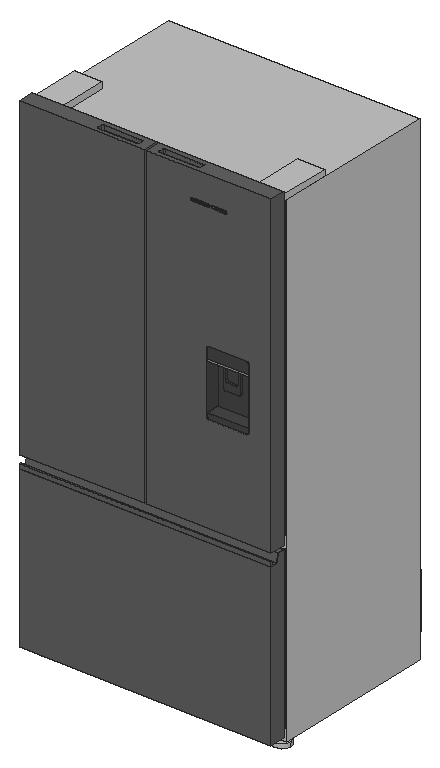
Revit family "FP-Revit18-RF610ANUB5-Fridges", category Specialty Equipment, Revit 2018
Family settings
  Round Connector Dimension = Use Diameter
  Part Type = Normal
  OmniClass Number = 23.40.40.11.11.17
  OmniClass Title = Refrigerator-Freezer
  Work Plane-Based = No
  Always vertical = Yes
  Cut with Voids When Loaded = Yes
  Shared = No
  Room Calculation Point = No
Parameters (values of type "RF610ANUB5")
  Visibility - Clearance Required = yes
  URL = "www.fisherpaykel.com"
  Product - Width = 900 mm  # constant formula
  Product - Height = 1795 mm  # constant formula
  Product - Depth = 695 mm  # constant formula
  Model = "RF610ANUB5"
  Material - Trim = Fisher & Paykel - Aluminium, Dark
  Material - Door Structure = Fisher & Paykel - White
  Material - Door Front = Fisher & Paykel - Stainless Steel, Dark
  Material - Body = Fisher & Paykel - Grey
  Manufacturer = "Fisher & Paykel Appliances"
  Description = "90cm French Door Refrigerator Freezer, Ice and Water"
  Connector Description - Water = "Ø6mm (1/4”) quick connect, Max Supply Pressure 120psi (827kPa)"
  Connector Description - Electrical = "230 V, 50 Hz"
  Chassis - Width = 900 mm  # constant formula
  Chassis - Height = 1737 mm  # constant formula
  Chassis - Depth = 625 mm  # constant formula
  Cavity - Width = 940 mm  # constant formula
  Cavity - Height = 1815 mm  # constant formula
  Cavity - Depth = 695 mm  # constant formula
Reference planes
  plane 1 "Datum": y = 0
  plane 2: z = 0
  plane 3 "Center (Left/Right)": x = 0
  plane 4 "Product LHS": x = -450
  plane 5 "Product RHS": x = 450
  plane 6 "Product - Depth": y = 625
  plane 7 "Cavity LHS": x = -470
  plane 8 "Cavity RHS": x = 470
  plane 9 "Cavity - Depth": y = 625
  plane 10 "Cavity Height": z = 1815
  plane 11 "Product - Height": z = 1795
  plane 12 "Door Front": y = -70
Forms (mm)
  Extrusion 1, solid, material "Fisher & Paykel - Grey" <- "Material - Body"
    sketch origin (0, -1.89, -0.809) x (0, 1, 0) y (0, 0, 1)
      loop
        line (1.89, 24.809) -> (596.89, 24.809) -> (596.89, 1761.809) -> (1.89, 1761.809) -> (1.89, 24.809)
    from -450 to 450
  Extrusion 2, void
    sketch origin (-955, 0, 0) x (1, 0, 0) y (0, 0, 1)
      loop
        arc (1182.459, 1245.1) -> (1176.803, 1242.757) -> (1174.459, 1237.1) r 8
        line (1174.459, 1237.1) -> (1174.459, 1017.5)
        arc (1174.459, 1017.5) -> (1176.803, 1011.843) -> (1182.459, 1009.5) r 8
        line (1182.459, 1009.5) -> (1316.959, 1009.5)
        arc (1316.959, 1009.5) -> (1322.616, 1011.843) -> (1324.959, 1017.5) r 8
        line (1324.959, 1017.5) -> (1324.959, 1237.1)
        arc (1324.959, 1237.1) -> (1322.616, 1242.757) -> (1316.959, 1245.1) r 8
        line (1316.959, 1245.1) -> (1182.459, 1245.1)
    from 15 to 70.043
  Extrusion 3, solid, material "Fisher & Paykel - Clearance Required", visible <- "Visibility - Clearance Required", detail levels coarse
    sketch origin (0, 0, 0) x (0, 1, 0) y (0, 0, 1)
      loop
        line (-70.043, 647) -> (-429.921, 647) -> (-429.921, 41) -> (-70.043, 41) -> (-70.043, 647)
    from -457 to 457
  Extrusion 4, solid, material "Fisher & Paykel - White" <- "Material - Door Structure"
    sketch origin (0, 0, 0) x (1, 0, 0) y (0, 0, 1)
      loop
        line (-439, 639) -> (-439, 63) -> (442, 63) -> (442, 639) -> (-439, 639)
      loop
        line (-12, 682) -> (-12, 1755) -> (-439, 1755) -> (-439, 682) -> (-12, 682)
      loop
        line (12, 682) -> (442, 682) -> (442, 1755) -> (12, 1755) -> (12, 682)
    from 0 to 15
  Extrusion 5, solid, material "Fisher & Paykel - Stainless Steel, Dark" <- "Material - Door Front"
    sketch origin (0, 0, 0) x (1, 0, 0) y (0, 0, 1)
      loop
        line (-450, 660) -> (-4, 660) -> (-4, 1795) -> (-450, 1795) -> (-450, 660)
      loop
        line (4, 1795) -> (4, 660) -> (450, 660) -> (450, 1795) -> (4, 1795)
    from 15 to 70.043
  Extrusion 6, solid, material "Fisher & Paykel - Clearance Required", visible <- "Visibility - Clearance Required", detail levels coarse
    sketch origin (0, 0, 0) x (1, 0, 0) y (0, 1, 0)
      loop
        line (-470, 625) -> (-470, 0) -> (-584.999, 0) -> (-584.999, -70) -> (584.999, -70) -> (584.999, 0) -> (470, 0) -> (470, 625) -> (-470, 625)
    from 0 to 1810
  Extrusion 7, solid, material "Fisher & Paykel - Clearance Required", visible <- "Visibility - Clearance Required", detail levels coarse
    sketch origin (0, 0, 0) x (1, 0, 0) y (0, 1, 0)
      loop
        line (-524.032, -70.043) -> (-784.022, -304.139)
        arc (-784.022, -304.139) -> (-313.722, -454.62) -> (-4, -70.043) r 436.47
        line (-4, -70.043) -> (-524.032, -70.043)
      loop
        line (524.032, -70.043) -> (4, -70.043)
        arc (4, -70.043) -> (313.722, -454.62) -> (784.022, -304.139) r 436.47
        line (784.022, -304.139) -> (524.032, -70.043)
    from 660 to 1810
  Extrusion 8, solid, material "Fisher & Paykel - Aluminium, Dark" <- "Material - Trim", detail levels medium+fine
    sketch origin (0, 0, 0) x (0, 1, 0) y (0, 0, 1)
      loop
        line (-15, 647) -> (-39.682, 647) -> (-44.971, 617) -> (-63.531, 617) -> (-66, 631) -> (-70, 631) -> (-70, 615) -> (-43.293, 615) -> (-38.003, 645) -> (-15, 645) -> (-15, 647)
    from -450 to 450
  Extrusion 9, solid, material "Fisher & Paykel - Grey" <- "Material - Body", detail levels medium+fine
    sketch origin (0, 0, 0) x (1, 0, 0) y (0, 1, 0)
      loop
        line (-351.4, 174) -> (-448.4, 174) -> (-448.4, -15) -> (-351.4, -15) -> (-351.4, 174)
      loop
        line (351.4, 174) -> (351.4, -15) -> (448.4, -15) -> (448.4, 174) -> (351.4, 174)
    from 1761 to 1783
  Extrusion 10, void
    sketch origin (0, 0, 0) x (1, 0, 0) y (0, 1, 0)
      loop
        arc (-179.6, -33.15) -> (-183.136, -34.614) -> (-184.6, -38.15) r 5
        line (-184.6, -38.15) -> (-184.6, -51.85)
        arc (-184.6, -51.85) -> (-183.136, -55.386) -> (-179.6, -56.85) r 5
        line (-179.6, -56.85) -> (-39.9, -56.85)
        arc (-39.9, -56.85) -> (-36.364, -55.386) -> (-34.9, -51.85) r 5
        line (-34.9, -51.85) -> (-34.9, -38.15)
        arc (-34.9, -38.15) -> (-36.364, -34.614) -> (-39.9, -33.15) r 5
        line (-39.9, -33.15) -> (-179.6, -33.15)
      loop
        line (179.6, -33.15) -> (39.9, -33.15)
        arc (39.9, -33.15) -> (36.364, -34.614) -> (34.9, -38.15) r 5
        line (34.9, -38.15) -> (34.9, -51.85)
        arc (34.9, -51.85) -> (36.364, -55.386) -> (39.9, -56.85) r 5
        line (39.9, -56.85) -> (179.6, -56.85)
        arc (179.6, -56.85) -> (183.136, -55.386) -> (184.6, -51.85) r 5
        line (184.6, -51.85) -> (184.6, -38.15)
        arc (184.6, -38.15) -> (183.136, -34.614) -> (179.6, -33.15) r 5
    from 1780.5 to 1795
  Extrusion 11, void
    sketch origin (0, 0, 0) x (1, 0, 0) y (0, 1, 0)
      loop
        arc (-179.6, -33.15) -> (-183.136, -34.614) -> (-184.6, -38.15) r 5
        line (-184.6, -38.15) -> (-184.6, -51.85)
        arc (-184.6, -51.85) -> (-183.136, -55.386) -> (-179.6, -56.85) r 5
        line (-179.6, -56.85) -> (-39.9, -56.85)
        arc (-39.9, -56.85) -> (-36.364, -55.386) -> (-34.9, -51.85) r 5
        line (-34.9, -51.85) -> (-34.9, -38.15)
        arc (-34.9, -38.15) -> (-36.364, -34.614) -> (-39.9, -33.15) r 5
        line (-39.9, -33.15) -> (-179.6, -33.15)
      loop
        line (179.6, -33.15) -> (39.9, -33.15)
        arc (39.9, -33.15) -> (36.364, -34.614) -> (34.9, -38.15) r 5
        line (34.9, -38.15) -> (34.9, -51.85)
        arc (34.9, -51.85) -> (36.364, -55.386) -> (39.9, -56.85) r 5
        line (39.9, -56.85) -> (179.6, -56.85)
        arc (179.6, -56.85) -> (183.136, -55.386) -> (184.6, -51.85) r 5
        line (184.6, -51.85) -> (184.6, -38.15)
        arc (184.6, -38.15) -> (183.136, -34.614) -> (179.6, -33.15) r 5
    from 660 to 674.5
  Extrusion 12, solid, material "Fisher & Paykel - Grey" <- "Material - Body", detail levels medium+fine
    sketch origin (0, 0, 0) x (1, 0, 0) y (0, 1, 0)
      loop
        circle (419.5, 18.6) r 30
      loop
        circle (-419.5, 18.6) r 30
    from 0 to 14
  Extrusion 13, solid, material "Fisher & Paykel - Grey" <- "Material - Body", detail levels medium+fine
    sketch origin (0, 0, 0) x (1, 0, 0) y (0, 1, 0)
      loop
        circle (419.5, 18.6) r 4.9
      loop
        circle (-419.5, 18.6) r 4.9
    from 14 to 24
  Extrusion 14, solid, material "Fisher & Paykel - Grey" <- "Material - Body", detail levels medium+fine
    sketch origin (0, 0, 0) x (0, 1, 0) y (0, 0, 1)
      loop
        arc (63.5, 24) -> (87.5, 0) -> (111.5, 24) r 24
        line (111.5, 24) -> (63.5, 24)
      loop
        arc (505, 24) -> (529, 0) -> (553, 24) r 24
        line (553, 24) -> (505, 24)
    from -393.35 to -376.65
  Extrusion 15, solid, material "Fisher & Paykel - Grey" <- "Material - Body", detail levels medium+fine
    sketch origin (0, 0, 0) x (0, 1, 0) y (0, 0, -1)
      loop
        line (63.5, -24) -> (111.5, -24)
        arc (111.5, -24) -> (87.5, 0) -> (63.5, -24) r 24
      loop
        line (505, -24) -> (553, -24)
        arc (553, -24) -> (529, 0) -> (505, -24) r 24
    from -393.35 to -376.65
  Extrusion 16, solid, material "Fisher & Paykel - Grey" <- "Material - Body"
    sketch origin (0, 0, 0) x (0, 1, 0) y (0, 0, 1)
      loop
        line (595, 24) -> (625, 24) -> (625, 294) -> (595, 324) -> (595, 24)
    from -430 to 430
  Extrusion 17, void
    sketch origin (0, 0, 0) x (1, 0, 0) y (0, 0, 1)
      loop
        line (255, 94) -> (255, 24) -> (430, 24) -> (430, 94) -> (255, 94)
      loop
        circle (410, 69) r 5
      loop
        circle (310, 69) r 5
    from -625 to -595
  Extrusion 18, solid, material "Fisher & Paykel - Stainless Steel, Dark" <- "Material - Door Front"
    sketch origin (0, 0, 0) x (0, 1, 0) y (0, 0, 1)
      loop
        line (-15, 645) -> (-38.003, 645) -> (-43.293, 615) -> (-70, 615) -> (-70, 41) -> (-15, 41) -> (-15, 645)
    from -450 to 450
  Extrusion 19, void
    sketch origin (0, 0, 0) x (1, 0, 0) y (0, 1, 0)
      loop
        line (-470, 625) -> (-470, 0) -> (-584.999, 0) -> (-584.999, -70) -> (584.999, -70) -> (584.999, 0) -> (470, 0) -> (470, 625) -> (-470, 625)
    from 0 to 1810
Cuts and joins
  Extrusion 2, Extrusion 10, Extrusion 11 cuts Extrusion 5
  Extrusion 17 cuts Extrusion 1
  Extrusion 17 cuts Extrusion 16
Text (mm)
  text "Due to ongoing product development, product details are subject to change without notice. \nPlease always refer to www.fisherpaykel.com for the most current product information. \n© Fisher & Paykel 2020" at (41.04, -527.568, 0), in view "Ref. Level (Plan)"
Dimensions and locks
  equal spacing: plane 4 "Product LHS", plane 3 "Center (Left/Right)", plane 5 "Product RHS"
  "Product - Width": plane 4 "Product LHS" to plane 5 "Product RHS"
  equal spacing: plane 7 "Cavity LHS", plane 3 "Center (Left/Right)", plane 8 "Cavity RHS"
  "Cavity - Width": plane 7 "Cavity LHS" to plane 8 "Cavity RHS"
  "Cavity - Height": plane 10 "Cavity Height" to level
  Extrusion 2 sketch curve to plane 3 "Center (Left/Right)" = 369.959 mm
  Extrusion 2 sketch curve to Extrusion 2 sketch curve = 235.6 mm
  Extrusion 2 sketch curve to level = 1009.5 mm
  Extrusion 2 sketch curve to Extrusion 2 sketch curve = 150.5 mm
  "Product - Height": level to plane 11 "Product - Height"
  "Chassis - Height": cut or joined group of Extrusion 1, Extrusion 17 to cut or joined group of Extrusion 1, Extrusion 17
  plane 7 "Cavity LHS" to plane 4 "Product LHS" = 20 mm
  plane 5 "Product RHS" to plane 8 "Cavity RHS" = 20 mm
  Extrusion 6 to plane 4 "Product LHS" = 134.999 mm
  plane 5 "Product RHS" to Extrusion 6 = 134.999 mm
  plane 11 "Product - Height" to nested 2 = 102.779 mm
  nested 2 to plane 3 "Center (Left/Right)" = 227 mm
  "Cavity - Depth": plane 12 "Door Front" to plane 9 "Cavity - Depth"
  plane 12 "Door Front" to plane 1 "Datum" = 70 mm
  "Chassis - Depth": plane 6 "Product - Depth" to plane 1 "Datum"
  "Product - Depth": plane 6 "Product - Depth" to plane 12 "Door Front"
  aligned and locked: level to plane 2
  aligned and locked: plane 4 "Product LHS" to Extrusion 1
  aligned and locked: Extrusion 1 to plane 5 "Product RHS"
  aligned and locked: Extrusion 12 to level
  aligned and locked: Extrusion 17 to Extrusion 16
  aligned and locked: Extrusion 5 to Extrusion 10
  aligned and locked: plane 9 "Cavity - Depth" to Extrusion 6
  aligned and locked: plane 6 "Product - Depth" to Extrusion 17
  aligned and locked: plane 12 "Door Front" to Extrusion 6 sketch curve
  aligned and locked: Extrusion 6 sketch curve to plane 1 "Datum"
  aligned and locked: plane 12 "Door Front" to Extrusion 18 sketch curve
  aligned and locked: Extrusion 18 to plane 5 "Product RHS"
  aligned and locked: plane 4 "Product LHS" to Extrusion 18
Automatic sketch dimensions
  Extrusion 1 sketch curve to plane 1 "Datum" = 0 mm
  Extrusion 1 sketch curve to plane 6 "Product - Depth" = 30 mm
  level to Extrusion 1 sketch curve = 24 mm
  plane 11 "Product - Height" to Extrusion 1 sketch curve = 34 mm
  Extrusion 2 sketch curve to Extrusion 2 sketch curve = 8 mm  (x4)
  plane 12 "Door Front" to Extrusion 3 sketch curve = 359.921 mm
  plane 12 "Door Front" to Extrusion 3 sketch curve = 0.043 mm
  level to Extrusion 3 sketch curve = 41 mm
  Extrusion 3 sketch curve to Extrusion 3 sketch curve = 606 mm
  Extrusion 4 sketch curve to plane 4 "Product LHS" = 11 mm  (x2)
  Extrusion 4 sketch curve to plane 3 "Center (Left/Right)" = 12 mm
  plane 3 "Center (Left/Right)" to Extrusion 4 sketch curve = 12 mm
  plane 5 "Product RHS" to Extrusion 4 sketch curve = 8 mm  (x2)
  level to Extrusion 4 sketch curve = 63 mm
  Extrusion 4 sketch curve to Extrusion 4 sketch curve = 576 mm
  Extrusion 4 sketch curve to Extrusion 4 sketch curve = 43 mm
  Extrusion 4 sketch curve to Extrusion 4 sketch curve = 0 mm  (x2)
  plane 11 "Product - Height" to Extrusion 4 sketch curve = 40 mm
  plane 4 "Product LHS" to Extrusion 5 sketch curve = 0 mm
  plane 5 "Product RHS" to Extrusion 5 sketch curve = 0 mm
  Extrusion 5 sketch curve to plane 11 "Product - Height" = 0 mm  (x2)
  Extrusion 5 sketch curve to plane 3 "Center (Left/Right)" = 4 mm
  plane 3 "Center (Left/Right)" to Extrusion 5 sketch curve = 4 mm
  level to Extrusion 5 sketch curve = 660 mm
  Extrusion 5 sketch curve to Extrusion 5 sketch curve = 0 mm
  Extrusion 6 sketch curve to plane 6 "Product - Depth" = 0 mm
  Extrusion 6 sketch curve to plane 7 "Cavity LHS" = 0 mm
  Extrusion 6 sketch curve to plane 8 "Cavity RHS" = 0 mm
  plane 1 "Datum" to Extrusion 6 sketch curve = 0 mm
  plane 7 "Cavity LHS" to Extrusion 6 sketch curve = 114.999 mm
  Extrusion 6 sketch curve to Extrusion 6 sketch curve = 114.999 mm
  plane 7 "Cavity LHS" to Extrusion 7 sketch curve = 314.022 mm
  plane 12 "Door Front" to Extrusion 7 sketch curve = 0.043 mm  (x2)
  plane 7 "Cavity LHS" to Extrusion 7 sketch curve = 54.032 mm
  Extrusion 7 sketch curve to plane 4 "Product LHS" = 10.815 mm
  Extrusion 7 sketch curve to plane 3 "Center (Left/Right)" = 4 mm
  plane 3 "Center (Left/Right)" to Extrusion 7 sketch curve = 4 mm
  plane 5 "Product RHS" to Extrusion 7 sketch curve = 10.815 mm
  Extrusion 7 sketch curve to plane 8 "Cavity RHS" = 54.032 mm
  plane 12 "Door Front" to Extrusion 7 sketch curve = 234.139 mm  (x2)
  Extrusion 7 sketch curve to Extrusion 7 sketch curve = 259.99 mm
  Extrusion 8 sketch curve to plane 12 "Door Front" = 0 mm
  Extrusion 8 sketch curve to Extrusion 8 sketch curve = 4 mm
  Extrusion 8 sketch curve to plane 12 "Door Front" = 6.469 mm
  Extrusion 8 sketch curve to Extrusion 8 sketch curve = 18.56 mm
  Extrusion 8 sketch curve to Extrusion 8 sketch curve = 1.678 mm  (x2)
  Extrusion 8 sketch curve to plane 12 "Door Front" = 30.318 mm
  plane 1 "Datum" to Extrusion 8 sketch curve = 15 mm
  level to Extrusion 8 sketch curve = 615 mm
  Extrusion 8 sketch curve to Extrusion 8 sketch curve = 2 mm  (x2)
  Extrusion 8 sketch curve to Extrusion 8 sketch curve = 14 mm
  Extrusion 8 sketch curve to Extrusion 8 sketch curve = 28 mm
  Extrusion 9 sketch curve to plane 4 "Product LHS" = 1.6 mm
  plane 1 "Datum" to Extrusion 9 sketch curve = 15 mm  (x2)
  Extrusion 9 sketch curve to Extrusion 9 sketch curve = 97 mm
  plane 5 "Product RHS" to Extrusion 9 sketch curve = 98.6 mm
  plane 5 "Product RHS" to Extrusion 9 sketch curve = 1.6 mm
  Extrusion 9 sketch curve to plane 1 "Datum" = 174 mm  (x2)
  Extrusion 10 sketch curve to plane 12 "Door Front" = 18.15 mm  (x3)
  Extrusion 10 sketch curve to plane 3 "Center (Left/Right)" = 184.6 mm
  Extrusion 10 sketch curve to Extrusion 10 sketch curve = 5 mm  (x6)
  Extrusion 10 sketch curve to plane 3 "Center (Left/Right)" = 39.9 mm
  plane 3 "Center (Left/Right)" to Extrusion 10 sketch curve = 34.9 mm
  Extrusion 10 sketch curve to plane 12 "Door Front" = 31.85 mm
  Extrusion 10 sketch curve to Extrusion 10 sketch curve = 139.7 mm
  Extrusion 10 sketch curve to Extrusion 10 sketch curve = 0 mm
  Extrusion 10 sketch curve to Extrusion 10 sketch curve = 13.7 mm
  Extrusion 11 sketch curve to plane 12 "Door Front" = 18.15 mm  (x3)
  Extrusion 11 sketch curve to plane 3 "Center (Left/Right)" = 184.6 mm
  Extrusion 11 sketch curve to Extrusion 11 sketch curve = 5 mm  (x6)
  Extrusion 11 sketch curve to plane 3 "Center (Left/Right)" = 39.9 mm
  plane 3 "Center (Left/Right)" to Extrusion 11 sketch curve = 34.9 mm
  Extrusion 11 sketch curve to plane 12 "Door Front" = 31.85 mm
  Extrusion 11 sketch curve to Extrusion 11 sketch curve = 139.7 mm
  Extrusion 11 sketch curve to Extrusion 11 sketch curve = 0 mm
  Extrusion 11 sketch curve to Extrusion 11 sketch curve = 13.7 mm
  Extrusion 12 sketch curve to plane 4 "Product LHS" = 30.5 mm
  plane 5 "Product RHS" to Extrusion 12 sketch curve = 30.5 mm
  Extrusion 12 sketch curve to plane 1 "Datum" = 18.6 mm  (x2)
  Extrusion 13 sketch curve to plane 4 "Product LHS" = 30.5 mm
  plane 5 "Product RHS" to Extrusion 13 sketch curve = 30.5 mm
  Extrusion 13 sketch curve to plane 1 "Datum" = 18.6 mm  (x2)
  Extrusion 14 sketch curve to plane 1 "Datum" = 63.5 mm
  Extrusion 14 sketch curve to Extrusion 14 sketch curve = 24 mm  (x2)
  level to Extrusion 14 sketch curve = 24 mm  (x2)
  Extrusion 14 sketch curve to plane 6 "Product - Depth" = 120 mm
  Extrusion 15 sketch curve to plane 1 "Datum" = 63.5 mm
  Extrusion 15 sketch curve to Extrusion 15 sketch curve = 24 mm  (x2)
  level to Extrusion 15 sketch curve = 24 mm  (x2)
  Extrusion 15 sketch curve to plane 6 "Product - Depth" = 120 mm
  Extrusion 16 sketch curve to plane 6 "Product - Depth" = 0 mm
  Extrusion 16 sketch curve to plane 6 "Product - Depth" = 30 mm
  level to Extrusion 16 sketch curve = 24 mm
  Extrusion 16 sketch curve to Extrusion 16 sketch curve = 270 mm
  Extrusion 16 sketch curve to Extrusion 16 sketch curve = 30 mm
  level to Extrusion 17 sketch curve = 94 mm
  plane 5 "Product RHS" to Extrusion 17 sketch curve = 195 mm
  Extrusion 17 sketch curve to Extrusion 17 sketch curve = 55 mm
  plane 5 "Product RHS" to Extrusion 17 sketch curve = 40 mm
  plane 5 "Product RHS" to Extrusion 17 sketch curve = 20 mm
  Extrusion 17 sketch curve to Extrusion 17 sketch curve = 25 mm  (x2)
  level to Extrusion 17 sketch curve = 24 mm
  Extrusion 18 sketch curve to Extrusion 18 sketch curve = 26.707 mm
  Extrusion 18 sketch curve to Extrusion 18 sketch curve = 5.29 mm
  plane 1 "Datum" to Extrusion 18 sketch curve = 15 mm
  level to Extrusion 18 sketch curve = 41 mm
  Extrusion 18 sketch curve to Extrusion 18 sketch curve = 574 mm
  Extrusion 18 sketch curve to Extrusion 18 sketch curve = 30 mm
  plane 1 "Datum" to Extrusion 19 sketch curve = 0 mm  (x2)
  plane 12 "Door Front" to Extrusion 19 sketch curve = 0 mm
  Extrusion 19 sketch curve to plane 6 "Product - Depth" = 0 mm
  Extrusion 19 sketch curve to plane 7 "Cavity LHS" = 0 mm
  Extrusion 19 sketch curve to plane 8 "Cavity RHS" = 0 mm
  plane 7 "Cavity LHS" to Extrusion 19 sketch curve = 114.999 mm
  Extrusion 19 sketch curve to Extrusion 19 sketch curve = 114.999 mm
  radius of Extrusion 12 sketch curve = 30 mm  (x2)
  radius of Extrusion 13 sketch curve = 4.9 mm  (x2)
  radius of Extrusion 17 sketch curve = 5 mm  (x2)
Nested families
  nested 1: "F&P Water Dispenser" at (294.25, -70, 1009.5), type "F&P Water Dispenser"
  nested 2: "F&P Logo 130mm" at (227, -70, 1692.221), type "F&P Logo 130mm"
Connectors
  electrical at (410, 625, 69), driven by "Connector Description - Electrical"
    settings: on cut or joined group of Extrusion 16, Extrusion 17, index 3, voltage 230 V, apparent load 0 VA, apparent load phase1 0 VA, apparent load phase2 0 VA, apparent load phase3 0 VA, power factor 1, load classification "Other", number of poles 1, system type 30, power factor state 1, is connector primary yes, connector utility no, sub classification motor no, connector description "230 V, 50 Hz"
  piping at (310, 625, 69), diameter 6, driven by "Connector Description - Water"
    settings: on cut or joined group of Extrusion 16, Extrusion 17, index 4, connector inside diameter 609.6 mm, connector length 0 mm, flow factor 0, pipe flow 0.0 L/s, pressure drop 0.0 Pa, fitting loss kfactor 0, connector angle 0.00°, fixture units 0, engagement length 0 mm, angle of deflection 0.00°, flow configuration 0, flow direction 1, fitting loss method 0, system type 20, joint type 0, gender type 0, connector reference index -1, connector utility 0, adjustable connector no, is connector primary yes, connector description "Ø6mm (1/4”) quick connect, Max Supply Pressure 120psi (827kPa)"
Definition of nested family "F&P Water Dispenser"
  Parameters (values of type "F&P Water Dispenser")
    URL = "www.fisherpaykel.com"
    Material - Trim = none
    Material - Body = none
    Manufacturer = "Fisher & Paykel Appliances"
    Connector Description - Water = ""
    Connector Description - Electrical = ""
  Reference planes
    plane 1 "Center (Front/Back)": y = 0
    plane 2: z = 0
    plane 3 "Center (Left/Right)": x = 0
  Forms (mm)
    Extrusion 1, solid, material <- "Material - Body"
      sketch origin (0, 0, 0) x (1, 0, 0) y (0, 0, 1)
        loop
          arc (-67.25, 235.6) -> (-72.907, 233.257) -> (-75.25, 227.6) r 8
          line (-75.25, 227.6) -> (-75.25, 8)
          arc (-75.25, 8) -> (-72.907, 2.343) -> (-67.25, 0) r 8
          line (-67.25, 0) -> (67.25, 0)
          arc (67.25, 0) -> (72.907, 2.343) -> (75.25, 8) r 8
          line (75.25, 8) -> (75.25, 227.609)
          arc (75.25, 227.609) -> (72.909, 233.259) -> (67.259, 235.6) r 7.991
          line (67.259, 235.6) -> (-67.25, 235.6)
        loop
          line (-74.25, 192.6) -> (-74.25, 20) -> (74.25, 20) -> (74.25, 192.6) -> (-74.25, 192.6)
      from -55 to 0
    Extrusion 2, solid, material <- "Material - Trim", detail levels fine
      sketch origin (0, 0, 0) x (1, 0, 0) y (0, 0, 1)
        loop
          line (-74.25, 192.6) -> (-74.25, 187.1) -> (74.25, 187.1) -> (74.25, 192.6) -> (-74.25, 192.6)
      from -55 to 0
    Extrusion 3, solid, material <- "Material - Body"
      sketch origin (0, 0, 0) x (1, 0, 0) y (0, 0, 1)
        loop
          line (-74.25, 187.1) -> (-74.25, 20) -> (74.25, 20) -> (74.25, 187.1) -> (-74.25, 187.1)
      from -55 to -50
    Extrusion 4, solid, material <- "Material - Body", detail levels fine
      sketch origin (0, 0, 0) x (1, 0, 0) y (0, 0, 1)
        loop
          line (-30, 187.1) -> (-30, 105.1)
          arc (-30, 105.1) -> (-27.657, 99.443) -> (-22, 97.1) r 8
          line (-22, 97.1) -> (22, 97.1)
          arc (22, 97.1) -> (27.657, 99.443) -> (30, 105.1) r 8
          line (30, 105.1) -> (30, 187.1) -> (23.5, 187.1) -> (23.5, 134.1)
          arc (23.5, 134.1) -> (21.157, 128.443) -> (15.5, 126.1) r 8
          line (15.5, 126.1) -> (-15.5, 126.1)
          arc (-15.5, 126.1) -> (-21.157, 128.443) -> (-23.5, 134.1) r 8
          line (-23.5, 134.1) -> (-23.5, 187.1) -> (-30, 187.1)
      from -27.6 to -21.6
    Extrusion 5, solid, material <- "Material - Body", detail levels fine
      sketch origin (0, 0, 0) x (1, 0, 0) y (0, 1, 0)
        loop
          circle (0, 24.6) r 7.5
      from 179.1 to 187.1
  Dimensions and locks
    aligned and locked: level to plane 2
Definition of nested family "F&P Logo 130mm"
  Parameters (values of type "F&P Logo 130mm")
    URL = "www.fisherpaykel.com"
    Material - Logo = none
    Manufacturer = "Fisher & Paykel Appliances"
  Reference planes
    plane 1 "Center (Front/Back)": y = 0
    plane 2: z = 0
    plane 3 "Center (Left/Right)": x = 0
  Forms (mm)
    Extrusion 1, solid, material <- "Material - Logo", detail levels fine
      sketch origin (0, 0, 0) x (1, 0, 0) y (0, 0, 1)
        loop
          line (-64.995, 0) -> (-62.949, 0) -> (-62.949, 2.779) -> (-59.752, 2.779) -> (-59.752, 4.514) -> (-62.949, 4.514) -> (-62.949, 6.125) -> (-59.47, 6.125) -> (-59.47, 7.852) -> (-64.995, 7.852) -> (-64.995, 0)
        loop
          line (-55.583, 7.852) -> (-55.583, 0) -> (-53.537, 0) -> (-53.537, 7.852) -> (-55.583, 7.852)
        loop
          line (-39.879, 7.852) -> (-39.879, 0) -> (-37.834, 0) -> (-37.834, 3.146) -> (-34.828, 3.146) -> (-34.828, 0) -> (-32.782, 0) -> (-32.782, 7.852) -> (-34.828, 7.852) -> (-34.828, 4.872) -> (-37.834, 4.872) -> (-37.834, 7.852) -> (-39.879, 7.852)
        loop
          line (-28.416, 7.852) -> (-28.416, 0) -> (-22.821, 0) -> (-22.821, 1.727) -> (-26.388, 1.727) -> (-26.388, 3.146) -> (-23.128, 3.146) -> (-23.128, 4.872) -> (-26.388, 4.872) -> (-26.388, 6.125) -> (-22.821, 6.125) -> (-22.821, 7.852) -> (-28.416, 7.852)
        loop
          line (59.429, 7.852) -> (59.429, 0) -> (65.005, 0) -> (65.005, 1.727) -> (61.476, 1.727) -> (61.476, 7.852) -> (59.429, 7.852)
        loop
          line (55.223, 7.852) -> (49.609, 7.852) -> (49.609, 0) -> (55.223, 0) -> (55.223, 1.727) -> (51.655, 1.727) -> (51.655, 3.146) -> (54.916, 3.146) -> (54.916, 4.872) -> (51.655, 4.872) -> (51.655, 6.125) -> (55.223, 6.125) -> (55.223, 7.852)
        loop
          line (43.548, 4.092) -> (46.45, 7.852) -> (44.059, 7.852) -> (41.552, 4.604) -> (41.552, 7.852) -> (39.507, 7.852) -> (39.507, 0) -> (41.552, 0) -> (41.552, 3.517) -> (44.136, 0) -> (46.554, 0) -> (43.548, 4.092)
        loop
          line (28.637, 7.852) -> (31.604, 3.146) -> (31.604, 0) -> (33.65, 0) -> (33.65, 3.043) -> (36.617, 7.852) -> (34.443, 7.852) -> (32.692, 4.819) -> (30.941, 7.852) -> (28.637, 7.852)
        loop
          line (24.085, 7.852) -> (22.141, 7.852) -> (18.943, 0) -> (20.952, 0) -> (21.514, 1.445) -> (24.66, 1.445) -> (25.223, 0) -> (27.282, 0) -> (24.085, 7.852)
        loop
          line (23.982, 3.171) -> (23.064, 5.426) -> (22.186, 3.171) -> (23.982, 3.171)
        loop
          line (10.503, 7.852) -> (10.503, 0) -> (12.55, 0) -> (12.55, 2.519) -> (13.842, 2.519)
          arc (13.842, 2.519) -> (16.508, 5.186) -> (13.842, 7.852) r 2.666
          line (13.842, 7.852) -> (10.503, 7.852)
        loop
          line (12.55, 6.125) -> (12.55, 4.156) -> (13.714, 4.156)
          arc (13.714, 4.156) -> (14.699, 5.141) -> (13.714, 6.125) r 0.985
          line (13.714, 6.125) -> (12.55, 6.125)
        loop
          line (-15.255, 7.852) -> (-18.614, 7.852) -> (-18.614, 0) -> (-16.568, 0) -> (-16.568, 2.052) -> (-15.768, 2.052) -> (-14.202, 0) -> (-11.836, 0) -> (-13.84, 2.565)
          arc (-13.84, 2.565) -> (-12.519, 5.752) -> (-15.255, 7.852) r 2.833
        loop
          line (-15.404, 6.125) -> (-16.568, 6.125) -> (-16.568, 3.969) -> (-15.404, 3.969)
          arc (-15.404, 3.969) -> (-14.326, 5.047) -> (-15.404, 6.125) r 1.078
        loop
          line (0.683, 6.125) -> (0.683, 7.999) -> (-4.586, 7.999) -> (-4.586, 6.306) -> (-3.804, 5.345)
          arc (-3.804, 5.345) -> (-4.501, 0.889) -> (0.004, 0.665) r 3.034
          line (0.004, 0.665) -> (0.546, 0) -> (2.867, 0) -> (1.181, 2.072) -> (2.704, 4.268) -> (0.602, 4.268) -> (0.046, 3.467) -> (-2.117, 6.125) -> (0.683, 6.125)
        loop
          arc (-2.7, 3.989) -> (-2.887, 2.168) -> (-1.066, 1.981) r 1.294
          line (-1.066, 1.981) -> (-2.7, 3.989)
        loop
          line (-45.672, 4.724) -> (-47.408, 5.084)
          arc (-47.408, 5.084) -> (-48.101, 5.776) -> (-47.408, 6.469) r 0.693
          arc (-47.408, 6.469) -> (-45.742, 6.227) -> (-44.214, 5.522) r 5.856
          line (-44.214, 5.522) -> (-44.214, 7.466)
          arc (-44.214, 7.466) -> (-46.152, 8.033) -> (-48.168, 7.942) r 6.144
          arc (-48.168, 7.942) -> (-50.034, 5.635) -> (-48.168, 3.329) r 2.358
          line (-48.168, 3.329) -> (-46.418, 2.967)
          arc (-46.418, 2.967) -> (-45.725, 2.274) -> (-46.418, 1.581) r 0.693
          arc (-46.418, 1.581) -> (-48.083, 1.823) -> (-49.611, 2.528) r 5.856
          line (-49.611, 2.528) -> (-49.611, 0.584)
          arc (-49.611, 0.584) -> (-47.674, 0.017) -> (-45.658, 0.108) r 6.144
          arc (-45.658, 0.108) -> (-43.791, 2.422) -> (-45.672, 4.724) r 2.358
      from 0 to 0.8
  Dimensions and locks
    aligned and locked: level to plane 2
